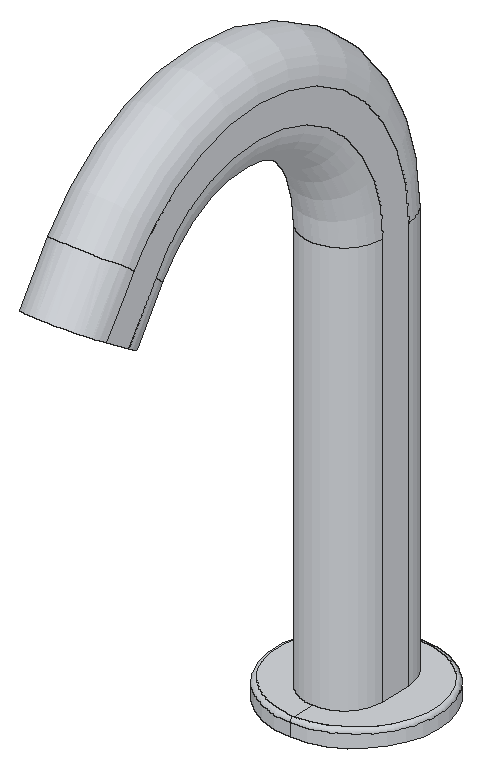
Revit family "Faucet_Touchless-Lavatory-KOHLER-Oblo-K-106B77", category Plumbing Fixtures, host Face, Revit 2021 (continued)
Definition of nested family "K-106B77"
  Lines and regions (in)
    symbolic lines, detail levels medium+fine
      curve 134: spline (0.06006, 0, 6.78673) -> (0.05598, 0, 6.78645) -> (0.05219, 0, 6.78561) -> (0.04892, 0, 6.78429) -> (0.04642, 0, 6.78256) -> (0.04485, 0, 6.78055) -> (0.04431, 0, 6.77839) -> (0.04485, 0, 6.77623) -> (0.04642, 0, 6.77421) -> (0.04892, 0, 6.77249) -> (0.05219, 0, 6.77116) -> (0.05598, 0, 6.77033) -> (0.06006, 0, 6.77004)
      curve 135: spline (0.10716, 0, 6.85257) -> (0.11123, 0, 6.85285) -> (0.11503, 0, 6.85369) -> (0.11829, 0, 6.85501) -> (0.1208, 0, 6.85674) -> (0.12237, 0, 6.85875) -> (0.12291, 0, 6.86091) -> (0.12237, 0, 6.86307) -> (0.1208, 0, 6.86509) -> (0.11829, 0, 6.86681) -> (0.11503, 0, 6.86814) -> (0.11123, 0, 6.86897) -> (0.10716, 0, 6.86926)
      curve 136: spline (0.13272, 0, 6.82911) -> (0.1368, 0, 6.82939) -> (0.14059, 0, 6.83022) -> (0.14386, 0, 6.83155) -> (0.14636, 0, 6.83328) -> (0.14793, 0, 6.83529) -> (0.14847, 0, 6.83745) -> (0.14793, 0, 6.83961) -> (0.14636, 0, 6.84162) -> (0.14386, 0, 6.84335) -> (0.14059, 0, 6.84468) -> (0.1368, 0, 6.84551) -> (0.13272, 0, 6.8458)
      curve 137: spline (0.10716, 0, 6.86926) -> (0.10308, 0, 6.86897) -> (0.09928, 0, 6.86814) -> (0.09602, 0, 6.86681) -> (0.09352, 0, 6.86509) -> (0.09195, 0, 6.86307) -> (0.09141, 0, 6.86091) -> (0.09195, 0, 6.85875) -> (0.09352, 0, 6.85674) -> (0.09602, 0, 6.85501) -> (0.09928, 0, 6.85369) -> (0.10308, 0, 6.85285) -> (0.10716, 0, 6.85257)
      curve 138: spline (0.11962, 0, 6.88598) -> (0.12369, 0, 6.88627) -> (0.12749, 0, 6.8871) -> (0.13075, 0, 6.88843) -> (0.13326, 0, 6.89016) -> (0.13483, 0, 6.89217) -> (0.13537, 0, 6.89433) -> (0.13483, 0, 6.89649) -> (0.13326, 0, 6.8985) -> (0.13075, 0, 6.90023) -> (0.12749, 0, 6.90156) -> (0.12369, 0, 6.90239) -> (0.11962, 0, 6.90267)
      curve 139: spline (0.16033, 0, 6.86027) -> (0.1644, 0, 6.86056) -> (0.1682, 0, 6.86139) -> (0.17146, 0, 6.86272) -> (0.17396, 0, 6.86445) -> (0.17554, 0, 6.86646) -> (0.17607, 0, 6.86862) -> (0.17554, 0, 6.87078) -> (0.17396, 0, 6.87279) -> (0.17146, 0, 6.87452) -> (0.1682, 0, 6.87585) -> (0.1644, 0, 6.87668) -> (0.16033, 0, 6.87696)
      curve 140: spline (0.11962, 0, 6.90267) -> (0.11554, 0, 6.90239) -> (0.11174, 0, 6.90156) -> (0.10848, 0, 6.90023) -> (0.10598, 0, 6.8985) -> (0.10441, 0, 6.89649) -> (0.10387, 0, 6.89433) -> (0.10441, 0, 6.89217) -> (0.10598, 0, 6.89016) -> (0.10848, 0, 6.88843) -> (0.11174, 0, 6.8871) -> (0.11554, 0, 6.88627) -> (0.11962, 0, 6.88598)
      curve 141: spline (0.16033, 0, 6.87696) -> (0.15625, 0, 6.87668) -> (0.15245, 0, 6.87585) -> (0.14919, 0, 6.87452) -> (0.14669, 0, 6.87279) -> (0.14511, 0, 6.87078) -> (0.14458, 0, 6.86862) -> (0.14511, 0, 6.86646) -> (0.14669, 0, 6.86445) -> (0.14919, 0, 6.86272) -> (0.15245, 0, 6.86139) -> (0.15625, 0, 6.86056) -> (0.16033, 0, 6.86027)
      curve 142: spline (0.18924, 0, 6.8302) -> (0.19332, 0, 6.83048) -> (0.19712, 0, 6.83132) -> (0.20038, 0, 6.83264) -> (0.20288, 0, 6.83437) -> (0.20445, 0, 6.83639) -> (0.20499, 0, 6.83855) -> (0.20445, 0, 6.84071) -> (0.20288, 0, 6.84272) -> (0.20038, 0, 6.84445) -> (0.19712, 0, 6.84577) -> (0.19332, 0, 6.84661) -> (0.18924, 0, 6.84689)
      curve 143: spline (0.18924, 0, 6.79706) -> (0.19332, 0, 6.79734) -> (0.19712, 0, 6.79818) -> (0.20038, 0, 6.7995) -> (0.20288, 0, 6.80123) -> (0.20445, 0, 6.80324) -> (0.20499, 0, 6.8054) -> (0.20445, 0, 6.80756) -> (0.20288, 0, 6.80958) -> (0.20038, 0, 6.8113) -> (0.19712, 0, 6.81263) -> (0.19332, 0, 6.81346) -> (0.18924, 0, 6.81375)
      curve 144: spline (0.18924, 0, 6.84689) -> (0.18517, 0, 6.84661) -> (0.18137, 0, 6.84577) -> (0.17811, 0, 6.84445) -> (0.1756, 0, 6.84272) -> (0.17403, 0, 6.84071) -> (0.17349, 0, 6.83855) -> (0.17403, 0, 6.83639) -> (0.1756, 0, 6.83437) -> (0.17811, 0, 6.83264) -> (0.18137, 0, 6.83132) -> (0.18517, 0, 6.83048) -> (0.18924, 0, 6.8302)
      curve 145: spline (0.18924, 0, 6.81375) -> (0.18517, 0, 6.81346) -> (0.18137, 0, 6.81263) -> (0.17811, 0, 6.8113) -> (0.1756, 0, 6.80958) -> (0.17403, 0, 6.80756) -> (0.17349, 0, 6.8054) -> (0.17403, 0, 6.80324) -> (0.1756, 0, 6.80123) -> (0.17811, 0, 6.7995) -> (0.18137, 0, 6.79818) -> (0.18517, 0, 6.79734) -> (0.18924, 0, 6.79706)
      curve 146: spline (0.17268, 0, 6.76431) -> (0.17676, 0, 6.76459) -> (0.18056, 0, 6.76543) -> (0.18382, 0, 6.76675) -> (0.18632, 0, 6.76848) -> (0.18789, 0, 6.77049) -> (0.18843, 0, 6.77265) -> (0.18789, 0, 6.77481) -> (0.18632, 0, 6.77683) -> (0.18382, 0, 6.77856) -> (0.18056, 0, 6.77988) -> (0.17676, 0, 6.78072) -> (0.17268, 0, 6.781)
      curve 147: spline (0.14269, 0, 6.79914) -> (0.14677, 0, 6.79943) -> (0.15056, 0, 6.80026) -> (0.15383, 0, 6.80159) -> (0.15633, 0, 6.80332) -> (0.1579, 0, 6.80533) -> (0.15844, 0, 6.80749) -> (0.1579, 0, 6.80965) -> (0.15633, 0, 6.81166) -> (0.15383, 0, 6.81339) -> (0.15056, 0, 6.81472) -> (0.14677, 0, 6.81555) -> (0.14269, 0, 6.81583)
      curve 148: spline (0.17268, 0, 6.781) -> (0.16861, 0, 6.78072) -> (0.16481, 0, 6.77988) -> (0.16155, 0, 6.77856) -> (0.15904, 0, 6.77683) -> (0.15747, 0, 6.77481) -> (0.15694, 0, 6.77265) -> (0.15747, 0, 6.77049) -> (0.15904, 0, 6.76848) -> (0.16155, 0, 6.76675) -> (0.16481, 0, 6.76543) -> (0.16861, 0, 6.76459) -> (0.17268, 0, 6.76431)
      curve 149: spline (0.14269, 0, 6.81583) -> (0.13861, 0, 6.81555) -> (0.13482, 0, 6.81472) -> (0.13155, 0, 6.81339) -> (0.12905, 0, 6.81166) -> (0.12748, 0, 6.80965) -> (0.12694, 0, 6.80749) -> (0.12748, 0, 6.80533) -> (0.12905, 0, 6.80332) -> (0.13155, 0, 6.80159) -> (0.13482, 0, 6.80026) -> (0.13861, 0, 6.79943) -> (0.14269, 0, 6.79914)
      curve 150: spline (0.1247, 0, 6.77669) -> (0.12878, 0, 6.77697) -> (0.13258, 0, 6.77781) -> (0.13584, 0, 6.77913) -> (0.13834, 0, 6.78086) -> (0.13991, 0, 6.78287) -> (0.14045, 0, 6.78503) -> (0.13991, 0, 6.78719) -> (0.13834, 0, 6.78921) -> (0.13584, 0, 6.79093) -> (0.13258, 0, 6.79226) -> (0.12878, 0, 6.79309) -> (0.1247, 0, 6.79338)
      curve 151: spline (0.13971, 0, 6.73635) -> (0.14379, 0, 6.73663) -> (0.14758, 0, 6.73746) -> (0.15084, 0, 6.73879) -> (0.15335, 0, 6.74052) -> (0.15492, 0, 6.74253) -> (0.15546, 0, 6.74469) -> (0.15492, 0, 6.74685) -> (0.15335, 0, 6.74886) -> (0.15084, 0, 6.75059) -> (0.14758, 0, 6.75192) -> (0.14379, 0, 6.75275) -> (0.13971, 0, 6.75304)
      curve 152: spline (0.1247, 0, 6.79338) -> (0.12063, 0, 6.79309) -> (0.11683, 0, 6.79226) -> (0.11357, 0, 6.79093) -> (0.11106, 0, 6.78921) -> (0.10949, 0, 6.78719) -> (0.10895, 0, 6.78503) -> (0.10949, 0, 6.78287) -> (0.11106, 0, 6.78086) -> (0.11357, 0, 6.77913) -> (0.11683, 0, 6.77781) -> (0.12063, 0, 6.77697) -> (0.1247, 0, 6.77669)
      curve 153: spline (0.13971, 0, 6.75304) -> (0.13563, 0, 6.75275) -> (0.13184, 0, 6.75192) -> (0.12857, 0, 6.75059) -> (0.12607, 0, 6.74886) -> (0.1245, 0, 6.74685) -> (0.12396, 0, 6.74469) -> (0.1245, 0, 6.74253) -> (0.12607, 0, 6.74052) -> (0.12857, 0, 6.73879) -> (0.13184, 0, 6.73746) -> (0.13563, 0, 6.73663) -> (0.13971, 0, 6.73635)
      curve 154: spline (0.09365, 0, 6.75319) -> (0.09773, 0, 6.75348) -> (0.10153, 0, 6.75431) -> (0.10479, 0, 6.75564) -> (0.10729, 0, 6.75736) -> (0.10887, 0, 6.75938) -> (0.1094, 0, 6.76154) -> (0.10887, 0, 6.7637) -> (0.10729, 0, 6.76571) -> (0.10479, 0, 6.76744) -> (0.10153, 0, 6.76876) -> (0.09773, 0, 6.7696) -> (0.09365, 0, 6.76988)
      curve 155: spline (0.09355, 0, 6.71582) -> (0.09762, 0, 6.7161) -> (0.10142, 0, 6.71694) -> (0.10468, 0, 6.71826) -> (0.10719, 0, 6.71999) -> (0.10876, 0, 6.72201) -> (0.1093, 0, 6.72417) -> (0.10876, 0, 6.72633) -> (0.10719, 0, 6.72834) -> (0.10468, 0, 6.73007) -> (0.10142, 0, 6.73139) -> (0.09762, 0, 6.73223) -> (0.09355, 0, 6.73251)
      curve 156: spline (0.06939, 0, 6.73419) -> (0.07347, 0, 6.73448) -> (0.07727, 0, 6.73531) -> (0.08053, 0, 6.73664) -> (0.08303, 0, 6.73837) -> (0.0846, 0, 6.74038) -> (0.08514, 0, 6.74254) -> (0.0846, 0, 6.7447) -> (0.08303, 0, 6.74671) -> (0.08053, 0, 6.74844) -> (0.07727, 0, 6.74977) -> (0.07347, 0, 6.7506) -> (0.06939, 0, 6.75088)
      curve 157: spline (0.09365, 0, 6.76988) -> (0.08958, 0, 6.7696) -> (0.08578, 0, 6.76876) -> (0.08252, 0, 6.76744) -> (0.08002, 0, 6.76571) -> (0.07844, 0, 6.7637) -> (0.07791, 0, 6.76154) -> (0.07844, 0, 6.75938) -> (0.08002, 0, 6.75736) -> (0.08252, 0, 6.75564) -> (0.08578, 0, 6.75431) -> (0.08958, 0, 6.75348) -> (0.09365, 0, 6.75319)
      curve 158: spline (0.09355, 0, 6.73251) -> (0.08947, 0, 6.73223) -> (0.08567, 0, 6.73139) -> (0.08241, 0, 6.73007) -> (0.07991, 0, 6.72834) -> (0.07834, 0, 6.72633) -> (0.0778, 0, 6.72417) -> (0.07834, 0, 6.72201) -> (0.07991, 0, 6.71999) -> (0.08241, 0, 6.71826) -> (0.08567, 0, 6.71694) -> (0.08947, 0, 6.7161) -> (0.09355, 0, 6.71582)
      curve 159: spline (0.06939, 0, 6.75088) -> (0.06532, 0, 6.7506) -> (0.06152, 0, 6.74977) -> (0.05826, 0, 6.74844) -> (0.05575, 0, 6.74671) -> (0.05418, 0, 6.7447) -> (0.05364, 0, 6.74254) -> (0.05418, 0, 6.74038) -> (0.05575, 0, 6.73837) -> (0.05826, 0, 6.73664) -> (0.06152, 0, 6.73531) -> (0.06532, 0, 6.73448) -> (0.06939, 0, 6.73419)
      curve 160: spline (0.02953, 0, 6.70673) -> (0.03361, 0, 6.70702) -> (0.03741, 0, 6.70785) -> (0.04067, 0, 6.70917) -> (0.04317, 0, 6.7109) -> (0.04475, 0, 6.71292) -> (0.04528, 0, 6.71508) -> (0.04475, 0, 6.71724) -> (0.04317, 0, 6.71925) -> (0.04067, 0, 6.72098) -> (0.03741, 0, 6.7223) -> (0.03361, 0, 6.72314) -> (0.02953, 0, 6.72342)
      curve 161: spline (0.02953, 0, 6.72342) -> (0.02546, 0, 6.72314) -> (0.02166, 0, 6.7223) -> (0.0184, 0, 6.72098) -> (0.0159, 0, 6.71925) -> (0.01432, 0, 6.71724) -> (0.01379, 0, 6.71508) -> (0.01432, 0, 6.71292) -> (0.0159, 0, 6.7109) -> (0.0184, 0, 6.70917) -> (0.02166, 0, 6.70785) -> (0.02546, 0, 6.70702) -> (0.02953, 0, 6.70673)
      curve 162: line (0.29187, 0, 6.82445) -> (0.37796, 0, 6.91054)
  Dimensions and locks (in)
    plane 4 to plane 5 = 2 5/16"
    plane 8 to plane 2 = 9 1/4"
    plane 1 "Center (Front/Back)" to plane 9 = 4 7/8"
    plane 10 to plane 2 = 6.75984"
    plane 6 to plane 7 = 2 5/16"
    plane 6 to plane 11 = 6.6806"
    aligned and locked: plane 2 to level
    aligned and locked: curve 23 to Extrusion 6
  Automatic sketch dimensions
    Revolve 1 sketch curve to level = 0"  (x2)
    Revolve 1 sketch curve to plane 6 = 0"
    Revolve 1 sketch curve to plane 6 = 0.05658"
    plane 1 "Center (Front/Back)" to Revolve 1 sketch curve = 0"
    level to Revolve 1 sketch curve = 0.17964"
    Revolve 1 sketch curve to Revolve 1 sketch curve = 0"
    Revolve 1 sketch curve to Revolve 1 sketch curve = 0.11811"
    plane 9 to Sweep 2 sketch curve = 0.4709"
    plane 7 to Sweep 2 sketch curve = 1.26471"
    plane 1 "Center (Front/Back)" to Sweep 2 sketch curve = 0"
    plane 10 to Sweep 2 sketch curve = 0.70344"
    Sweep 2 sketch curve to plane 9 = 0.09364"
    level to Sweep 2 sketch curve = 0.23622"
    plane 10 to Sweep 2 sketch curve = 31/256"
    profile plane to Sweep 2 sketch curve = 0.22638"  (x3)
    Sweep 2 sketch curve to profile plane = 0.22613"
    Sweep 2 sketch curve to plane 3 "Center (Left/Right)" = 0.55118"
    plane 3 "Center (Left/Right)" to Sweep 2 sketch curve = 0.55118"
    Sweep 2 sketch curve to Sweep 2 sketch curve = 0"  (x5)
    Sweep 2 sketch curve to profile plane = 0.22638"
    Masking region 1 sketch curve to Masking region 1 sketch curve = 0"  (x2)
    Masking region 1 sketch curve to plane 3 "Center (Left/Right)" = 0"
    Masking region 1 sketch curve to plane 6 = 0"
    plane 14 to Masking region 1 sketch curve = 0"
    plane 15 to Masking region 1 sketch curve = 0"
    plane 1 "Center (Front/Back)" to Masking region 1 sketch curve = 0"
    Masking region 1 sketch curve to plane 9 = 0.20111"
    Masking region 1 sketch curve to plane 9 = 0.20153"
    Masking region 2 sketch curve to level = 0"
    plane 4 to Masking region 2 sketch curve = 0"
    plane 14 to Masking region 2 sketch curve = 0"
    Masking region 2 sketch curve to plane 3 "Center (Left/Right)" = 0"
    Masking region 2 sketch curve to plane 5 = 0"
    Masking region 2 sketch curve to plane 4 = 0.05595"
    Masking region 2 sketch curve to plane 5 = 0.05595"
    Masking region 2 sketch curve to Masking region 2 sketch curve = 0.18027"
    level to Masking region 2 sketch curve = 0.18027"
    Masking region 2 sketch curve to plane 8 = 0.55023"
    Masking region 3 sketch curve to plane 11 = 0"
    Masking region 3 sketch curve to level = 0"
    Masking region 3 sketch curve to plane 7 = 0"
    Masking region 3 sketch curve to plane 13 = 0"
    Masking region 3 sketch curve to plane 12 = 0"
    Masking region 3 sketch curve to plane 6 = 0"
    Masking region 3 sketch curve to plane 9 = 0.16371"
    plane 9 to Masking region 3 sketch curve = 0.618"
    Masking region 3 sketch curve to plane 10 = 0.23348"
    Masking region 3 sketch curve to Masking region 3 sketch curve = 0.48098"
    plane 10 to Masking region 3 sketch curve = 0.71319"
    Masking region 3 sketch curve to Masking region 3 sketch curve = 0.00256"
    Masking region 3 sketch curve to Masking region 3 sketch curve = 0.05575"
    Masking region 3 sketch curve to plane 6 = 0.05575"
    Masking region 3 sketch curve to Masking region 3 sketch curve = 0.18047"  (x2)
    plane 10 to Masking region 3 sketch curve = 0.70507"
    Extrusion 3 sketch curve to Extrusion 3 sketch curve = 0"  (x6)
    Extrusion 3 sketch curve to Sweep 2 = 0.55117"
    Extrusion 5 sketch curve to plane 16 "A" = 0"
    plane 16 "A" to Extrusion 5 sketch curve = 0"
    plane 11 to Extrusion 5 sketch curve = 0.27382"
    plane 10 to Extrusion 5 sketch curve = 0.74476"
    Extrusion 6 sketch curve to Extrusion 6 sketch curve = 0"  (x33)
    Extrusion 6 sketch curve to plane 3 "Center (Left/Right)" = 0.05401"
    plane 3 "Center (Left/Right)" to Extrusion 6 sketch curve = 0.04508"
    Extrusion 6 sketch curve to Extrusion 6 sketch curve = 0.03994"  (x3)
    Extrusion 6 sketch curve to plane 3 "Center (Left/Right)" = 0.22584"  (x2)
    Extrusion 6 sketch curve to Extrusion 6 sketch curve = 0.05926"  (x2)
    plane 3 "Center (Left/Right)" to Extrusion 6 sketch curve = 0.2169"  (x2)
    plane 3 "Center (Left/Right)" to Extrusion 6 sketch curve = 0.03127"
    Extrusion 6 sketch curve to Extrusion 6 sketch curve = 0.06304"
    Extrusion 6 sketch curve to plane 3 "Center (Left/Right)" = 0.02953"
    plane 3 "Center (Left/Right)" to Extrusion 6 sketch curve = 0.18231"  (x2)
    Extrusion 6 sketch curve to Extrusion 6 sketch curve = 0.01997"  (x2)
    Extrusion 6 sketch curve to plane 3 "Center (Left/Right)" = 0.19124"  (x2)
    Extrusion 6 sketch curve to Extrusion 6 sketch curve = 0.01715"  (x2)
    plane 3 "Center (Left/Right)" to Extrusion 6 sketch curve = 0.00835"
    Extrusion 6 sketch curve to Extrusion 6 sketch curve = 0.04498"
    Extrusion 6 sketch curve to Extrusion 6 sketch curve = 0.03467"
    Extrusion 6 sketch curve to Extrusion 6 sketch curve = 0.03969"
    Extrusion 6 sketch curve to Extrusion 6 sketch curve = 0.03873"
    Extrusion 6 sketch curve to Extrusion 6 sketch curve = 0.04207"
    Extrusion 6 sketch curve to plane 3 "Center (Left/Right)" = 0.27538"  (x2)
    Extrusion 6 sketch curve to Extrusion 6 sketch curve = 0.08581"  (x2)
    plane 3 "Center (Left/Right)" to Extrusion 6 sketch curve = 0.26645"  (x2)
    Extrusion 6 sketch curve to Extrusion 6 sketch curve = 0.03585"
    Extrusion 6 sketch curve to Extrusion 6 sketch curve = 0.02846"
    Extrusion 6 sketch curve to Extrusion 6 sketch curve = 0.05277"
    Extrusion 6 sketch curve to Extrusion 6 sketch curve = 0.00665"
    Extrusion 6 sketch curve to Extrusion 6 sketch curve = 0.0318"  (x2)
    Extrusion 6 sketch curve to Extrusion 6 sketch curve = 0.02336"  (x2)
    Extrusion 6 sketch curve to Extrusion 6 sketch curve = 0.03323"  (x2)
    Extrusion 6 sketch curve to Extrusion 6 sketch curve = 0.0618"  (x2)
    Extrusion 6 sketch curve to Extrusion 6 sketch curve = 0.01057"  (x2)
    Extrusion 6 sketch curve to Extrusion 6 sketch curve = 0.04238"  (x2)
    Extrusion 6 sketch curve to Extrusion 6 sketch curve = 0.05001"  (x2)
    Extrusion 6 sketch curve to Extrusion 6 sketch curve = 0.04565"
    Extrusion 6 sketch curve to Extrusion 6 sketch curve = 0.03508"
    Extrusion 6 sketch curve to Extrusion 6 sketch curve = 0.01567"  (x2)
    Extrusion 6 sketch curve to Extrusion 6 sketch curve = 0.00207"  (x2)
    plane 3 "Center (Left/Right)" to Extrusion 6 sketch curve = 0.23186"
    Extrusion 6 sketch curve to Extrusion 6 sketch curve = 0.02748"  (x4)
    Extrusion 6 sketch curve to plane 3 "Center (Left/Right)" = 0.24079"
    Extrusion 6 sketch curve to Extrusion 6 sketch curve = 0.04562"  (x2)
    Extrusion 6 sketch curve to Extrusion 6 sketch curve = 0.04427"  (x2)
    Extrusion 6 sketch curve to Extrusion 6 sketch curve = 0.01454"  (x2)
    Extrusion 6 sketch curve to Extrusion 6 sketch curve = 0.03558"  (x4)
    Extrusion 6 sketch curve to plane 3 "Center (Left/Right)" = 0.02069"
    Extrusion 6 sketch curve to Extrusion 6 sketch curve = 0.01556"
    Extrusion 6 sketch curve to Extrusion 6 sketch curve = 0.05513"  (x2)
    plane 3 "Center (Left/Right)" to Extrusion 6 sketch curve = 0.00087"
    Extrusion 6 sketch curve to Extrusion 6 sketch curve = 0.0488"
    Extrusion 6 sketch curve to Extrusion 6 sketch curve = 0.0596"
    Extrusion 6 sketch curve to Extrusion 6 sketch curve = 0.04088"  (x2)
    Extrusion 6 sketch curve to Extrusion 6 sketch curve = 0.05744"
    Extrusion 6 sketch curve to Extrusion 6 sketch curve = 0.02025"
    Extrusion 6 sketch curve to Extrusion 6 sketch curve = 0.04655"  (x2)
    Extrusion 6 sketch curve to Extrusion 6 sketch curve = 0.04087"
    Extrusion 6 sketch curve to Extrusion 6 sketch curve = 0.05652"  (x2)
    Extrusion 6 sketch curve to Extrusion 6 sketch curve = 0.01799"  (x2)
    Extrusion 6 sketch curve to Extrusion 6 sketch curve = 0.06096"
    Extrusion 6 sketch curve to Extrusion 6 sketch curve = 0.02556"  (x2)
    Extrusion 6 sketch curve to Extrusion 6 sketch curve = 0.03105"
    Extrusion 6 sketch curve to Extrusion 6 sketch curve = 0.04616"
    Extrusion 6 sketch curve to Extrusion 6 sketch curve = 0.03821"  (x2)
    Extrusion 6 sketch curve to Extrusion 6 sketch curve = 0.00882"  (x2)
    Extrusion 6 sketch curve to Extrusion 6 sketch curve = 0.00866"
    Extrusion 6 sketch curve to Extrusion 6 sketch curve = 0.03359"
    Extrusion 6 sketch curve to Extrusion 6 sketch curve = 0.03391"
    plane 3 "Center (Left/Right)" to Extrusion 6 sketch curve = 0.05246"
    plane 3 "Center (Left/Right)" to Extrusion 6 sketch curve = 0.03417"
    plane 3 "Center (Left/Right)" to Extrusion 6 sketch curve = 0.02612"
    plane 3 "Center (Left/Right)" to Extrusion 6 sketch curve = 0.02243"
    Extrusion 6 sketch curve to plane 3 "Center (Left/Right)" = 0.02439"
    Extrusion 6 sketch curve to Extrusion 6 sketch curve = 0.02797"
    Extrusion 6 sketch curve to plane 3 "Center (Left/Right)" = 0.05073"
    Extrusion 6 sketch curve to Extrusion 6 sketch curve = 0.02763"
    Extrusion 6 sketch curve to Extrusion 6 sketch curve = 0.04223"
    Extrusion 6 sketch curve to Extrusion 6 sketch curve = 0.03986"
    Extrusion 6 sketch curve to Extrusion 6 sketch curve = 0.02086"
    Extrusion 6 sketch curve to Extrusion 6 sketch curve = 0.05329"
    Extrusion 6 sketch curve to Extrusion 6 sketch curve = 0.02416"
    Extrusion 6 sketch curve to Extrusion 6 sketch curve = 0.02426"
    Extrusion 6 sketch curve to Extrusion 6 sketch curve = 0.04804"
    Extrusion 6 sketch curve to Extrusion 6 sketch curve = 0.04605"
    Extrusion 6 sketch curve to Extrusion 6 sketch curve = 0.05317"
    Extrusion 6 sketch curve to Extrusion 6 sketch curve = 0.04798"
    Blend 7 sketch curve to Blend 7 sketch curve = 0"  (x4)
    Blend 7 sketch curve to plane 3 "Center (Left/Right)" = 0.00078"
    Blend 7 sketch curve to Blend 7 sketch curve = 0.00818"
    Blend 7 sketch curve to Blend 7 sketch curve = 0.02796"
    Blend 7 sketch curve to plane 15 = 0.2371"
    plane 3 "Center (Left/Right)" to Blend 7 sketch curve = 0"
    Blend 7 sketch curve to plane 15 = 0.0794"
    Blend 7 sketch curve to Blend 7 sketch curve = 0.02517"
    Blend 7 sketch curve to plane 14 = 0.0849"
    plane 14 to curve 4 = 0"
    curve 43 to plane 3 "Center (Left/Right)" = 0"  (x2)
    curve 4 to plane 15 = 0"
    curve 39 to plane 10 = 0.12623"
    curve 39 to plane 14 = 0.25808"
    curve 39 to plane 10 = 0.06461"
    curve 39 to curve 39 = 0.00123"
    curve 22 to plane 10 = 0.10385"
    curve 39 to curve 22 = 0.01772"
    plane 10 to curve 35 = 0.00129"
    curve 39 to curve 35 = 0.01649"
    curve 24 to curve 37 = 0.03459"
    curve 35 to plane 10 = 0.00929"
    curve 26 to curve 35 = 0.03459"
    curve 25 to curve 40 = 0.01381"
    curve 25 to curve 41 = 0.01495"
    plane 10 to curve 33 = 0.04677"
    curve 34 to curve 33 = 0.01495"
    curve 21 to plane 10 = 0.13874"
    plane 10 to curve 33 = 0.03618"
    curve 31 to curve 33 = 0.03459"
    curve 30 to plane 3 "Center (Left/Right)" = 0.05401"
    curve 36 to plane 3 "Center (Left/Right)" = 0.05401"
    curve 42 to plane 3 "Center (Left/Right)" = 0.00521"
    plane 3 "Center (Left/Right)" to curve 114 = 0.00521"
    plane 3 "Center (Left/Right)" to curve 108 = 0.05401"
    plane 3 "Center (Left/Right)" to curve 102 = 0.05401"
    plane 10 to curve 105 = 0.03618"
    curve 108 to curve 105 = 0.13723"
    curve 102 to curve 94 = 0.13723"
    curve 94 to curve 96 = 0.03459"
    plane 10 to curve 105 = 0.04677"
    curve 105 to curve 105 = 0.03459"
    curve 96 to curve 112 = 0.00114"
    curve 112 to curve 98 = 0.01381"
    curve 106 to plane 10 = 0.00929"
    curve 103 to curve 106 = 0.01495"
    curve 98 to curve 97 = 0.03459"
    plane 10 to curve 107 = 0.00129"
    curve 106 to curve 107 = 0.03459"
    curve 111 to plane 10 = 0.06461"
    curve 95 to curve 111 = 0.01649"
    curve 111 to plane 10 = 0.12623"
    curve 95 to curve 111 = 0.01772"
    plane 10 to curve 36 = 0.09934"
    plane 10 to curve 108 = 0.09934"
    curve 114 to curve 108 = 0.105"
    curve 42 to curve 114 = 0"
    curve 22 to curve 26 = 0.01058"
    curve 111 to curve 98 = 0.02865"
    curve 95 to curve 111 = 0.02238"
    curve 94 to curve 112 = 0.03428"
    curve 40 to curve 20 = 0.02178"
    curve 112 to curve 96 = 0.01119"
    curve 112 to curve 96 = 0.02178"
    curve 20 to curve 38 = 0.0107"
    curve 93 to curve 110 = 0.0107"
    curve 26 to curve 29 = 0.12945"
    curve 98 to curve 113 = 0.0626"
    curve 25 to curve 41 = 0.0626"
    plane 14 to curve 13 = 0"
    plane 14 to curve 13 = 0.00036"
    curve 14 to plane 14 = 0.05128"
    curve 14 to plane 10 = 0.01192"
    curve 14 to curve 14 = 0.00714"
    curve 14 to curve 17 = 0.01484"
    curve 17 to curve 16 = 0"  (x2)
    curve 14 to curve 15 = 0.02451"
    curve 16 to curve 18 = 0.06737"
    curve 18 to curve 19 = 0"  (x2)
    curve 92 to curve 40 = 0.08485"
    curve 28 to curve 40 = 0.02264"
    curve 27 to curve 28 = 0"  (x2)
    curve 27 to curve 27 = 0.00124"
    curve 39 to curve 103 = 0.00783"
    curve 93 to curve 103 = 0"  (x2)
    curve 99 to curve 103 = 0"
    curve 27 to curve 41 = 0.01119"
    curve 71 to plane 10 = 0.03722"
    curve 34 to curve 71 = 0.05155"
    curve 70 to curve 71 = 0"
    curve 70 to curve 70 = 0.01575"
    curve 73 to curve 71 = 0.01575"
    curve 72 to curve 70 = 0"
    curve 73 to curve 71 = 0"
    curve 76 to plane 10 = 0.01281"
    curve 73 to curve 76 = 0.01656"
    curve 70 to curve 69 = 0.01317"
    curve 74 to curve 76 = 0.01575"
    curve 74 to curve 76 = 0"
    curve 67 to curve 69 = 0.01575"
    curve 67 to curve 69 = 0"
    curve 73 to curve 75 = 0.0308"
    plane 10 to curve 81 = 0.00681"
    curve 76 to curve 81 = 0.01723"
    curve 77 to curve 64 = 0.00997"
    curve 75 to curve 77 = 0.01575"
    curve 75 to curve 77 = 0"
    curve 75 to curve 78 = 0.00224"
    curve 79 to curve 79 = 0.01575"
    curve 81 to curve 79 = 0"
    curve 67 to curve 68 = 0.02496"
    curve 61 to curve 61 = 0.01575"
    curve 64 to curve 61 = 0"
    curve 78 to curve 78 = 0.01575"
    curve 80 to curve 78 = 0"
    curve 64 to curve 63 = 0.00981"
    curve 66 to curve 68 = 0.01575"
    curve 66 to curve 68 = 0"
    plane 10 to curve 82 = 0.00665"
    curve 79 to curve 82 = 0.03031"
    curve 85 to curve 83 = 0.00011"
    curve 63 to curve 65 = 0.01575"
    curve 63 to curve 65 = 0"
    curve 78 to curve 59 = 0.02246"
    curve 85 to plane 10 = 0.00169"
    curve 82 to curve 85 = 0.01575"
    curve 82 to curve 85 = 0"
    curve 83 to curve 86 = 0.01575"
    curve 83 to curve 86 = 0"
    curve 65 to curve 55 = 0.01374"
    curve 63 to curve 47 = 0.01983"
    curve 57 to curve 59 = 0.01575"
    curve 57 to curve 59 = 0"
    curve 83 to curve 84 = 0.00841"
    curve 48 to curve 29 = 0.00892"
    curve 53 to curve 55 = 0.01575"
    curve 53 to curve 55 = 0"
    curve 60 to plane 10 = 0.0102"
    curve 82 to curve 60 = 0.01785"
    curve 47 to curve 49 = 0.01575"
    curve 47 to curve 49 = 0"
    curve 84 to curve 84 = 0.01575"
    curve 87 to curve 84 = 0"
    curve 47 to curve 51 = 0.00511"
    curve 46 to curve 48 = 0.01575"
    curve 46 to curve 48 = 0"
    curve 32 to curve 104 = 0.00893"  (x2)
    curve 60 to curve 60 = 0.01575"
    curve 62 to curve 60 = 0"
    curve 50 to curve 50 = 0.01575"
    curve 51 to curve 50 = 0"
    curve 60 to curve 56 = 0.01188"
    curve 36 to curve 88 = 0.02447"
    curve 51 to curve 54 = 0.01059"
    curve 45 to plane 3 "Center (Left/Right)" = 0.02069"
    curve 56 to curve 58 = 0.01575"
    curve 56 to curve 58 = 0"
    curve 115 to plane 3 "Center (Left/Right)" = 0.01662"
    curve 88 to plane 3 "Center (Left/Right)" = 0.01379"
    curve 89 to curve 88 = 0"
    curve 52 to plane 3 "Center (Left/Right)" = 0.00864"
    curve 54 to curve 52 = 0"
    curve 91 to plane 3 "Center (Left/Right)" = 0.0074"
    curve 90 to curve 91 = 0"
    curve 45 to plane 3 "Center (Left/Right)" = 0.00495"
    curve 44 to curve 45 = 0"
    curve 26 to plane 3 "Center (Left/Right)" = 0.00447"
    curve 31 to curve 26 = 0"
    curve 20 to curve 26 = 0"  (x2)
    curve 115 to plane 3 "Center (Left/Right)" = 0.00087"
    curve 28 to plane 3 "Center (Left/Right)" = 0.00078"
    curve 13 to plane 3 "Center (Left/Right)" = 0"
    plane 3 "Center (Left/Right)" to curve 12 = 0"
    plane 3 "Center (Left/Right)" to curve 16 = 0"
    plane 3 "Center (Left/Right)" to curve 15 = 0"
    plane 3 "Center (Left/Right)" to curve 17 = 0"
    plane 3 "Center (Left/Right)" to curve 19 = 0"
    plane 3 "Center (Left/Right)" to curve 14 = 0"
    plane 3 "Center (Left/Right)" to curve 18 = 0"
    plane 3 "Center (Left/Right)" to curve 100 = 0.00078"
    curve 101 to curve 100 = 0"  (x2)
    plane 3 "Center (Left/Right)" to curve 43 = 0.00087"
    curve 103 to curve 99 = 0"
    curve 93 to curve 99 = 0"
    curve 101 to curve 116 = 0.00417"
    curve 117 to curve 116 = 0"
    plane 3 "Center (Left/Right)" to curve 91 = 0.00835"
    plane 3 "Center (Left/Right)" to curve 126 = 0.00864"
    curve 124 to curve 126 = 0"
    plane 3 "Center (Left/Right)" to curve 161 = 0.01379"
    curve 160 to curve 161 = 0"
    curve 43 to curve 43 = 0.01575"
    curve 93 to curve 128 = 0.01222"
    curve 130 to curve 128 = 0"
    curve 116 to curve 117 = 0.01575"
    curve 124 to curve 124 = 0.01575"
    curve 160 to curve 161 = 0.01575"
    curve 128 to curve 128 = 0.01575"
    curve 124 to curve 123 = 0.01059"
    curve 122 to curve 123 = 0"
    curve 128 to curve 134 = 0.01188"
    curve 132 to curve 134 = 0"
    curve 116 to curve 120 = 0.02648"
    curve 118 to curve 120 = 0"
    curve 123 to curve 122 = 0.01575"
    curve 160 to curve 156 = 0.02411"
    curve 159 to curve 156 = 0"
    curve 122 to curve 121 = 0.00511"
    curve 119 to curve 121 = 0"
    curve 132 to plane 10 = 0.0102"
    curve 134 to curve 132 = 0.01575"
    curve 123 to curve 127 = 0.0112"
    curve 125 to curve 127 = 0"
    curve 118 to curve 120 = 0.01575"
    curve 156 to curve 159 = 0.01575"
    curve 132 to curve 131 = 0.01068"
    curve 129 to curve 131 = 0"
    curve 119 to curve 119 = 0.01575"
    curve 125 to curve 125 = 0.01575"
    curve 156 to curve 158 = 0.00841"
    curve 155 to curve 158 = 0"
    curve 154 to plane 10 = 0.00169"
    curve 156 to curve 154 = 0.00852"
    curve 157 to curve 154 = 0"
    curve 125 to curve 131 = 0.00882"
    curve 121 to curve 135 = 0.01983"
    curve 137 to curve 135 = 0"
    curve 155 to curve 155 = 0.01575"
    curve 154 to curve 157 = 0.01575"
    curve 119 to curve 140 = 0.03229"
    curve 138 to curve 140 = 0"
    curve 137 to curve 137 = 0.01575"
    curve 154 to curve 152 = 0.0153"
    curve 150 to curve 152 = 0"
    curve 137 to curve 133 = 0.00981"
    curve 136 to curve 133 = 0"
    curve 138 to curve 140 = 0.01575"
    curve 157 to curve 151 = 0.03031"
    curve 153 to curve 151 = 0"
    curve 150 to curve 152 = 0.01575"
    curve 150 to curve 149 = 0.00224"
    curve 147 to curve 149 = 0"
    curve 133 to curve 133 = 0.01575"
    curve 153 to curve 151 = 0.01575"
    curve 133 to curve 149 = 0.00997"
    curve 136 to curve 141 = 0.01186"
    curve 139 to curve 141 = 0"
    curve 151 to curve 148 = 0.01723"
    curve 146 to curve 148 = 0"
    curve 139 to curve 141 = 0.01575"
    curve 148 to plane 10 = 0.00447"
    curve 148 to curve 148 = 0.01575"
    curve 139 to curve 142 = 0.01317"
    curve 144 to curve 142 = 0"
    curve 146 to curve 143 = 0.00081"
    curve 145 to curve 143 = 0"
    curve 143 to curve 145 = 0.01575"
    curve 144 to curve 143 = 0"
    curve 114 to curve 100 = 0.01116"
    curve 31 to curve 20 = 0"
    curve 112 to curve 100 = 0.0214"
    curve 101 to curve 100 = 0.00124"
    curve 101 to curve 162 = 0.06347"
    plane 10 to curve 15 = 0.03693"
    curve 15 to curve 16 = 0.01678"
    curve 14 to plane 10 = 0.01191"
    curve 17 to curve 15 = 0.01484"
    plane 15 to curve 13 = 0.00036"
    plane 15 to curve 12 = 0.00037"
    curve 31 to curve 88 = 0.04623"
    curve 108 to curve 160 = 0.04623"
    curve 108 to curve 160 = 0.01043"
    curve 36 to curve 88 = 0.01043"
    curve 104 to curve 36 = 0.01463"
    curve 32 to curve 104 = 0"
    curve 13 to curve 31 = 0.02004"
    curve 13 to curve 15 = 0.08402"
    level to curve 4 = 0.23622"
    curve 160 to curve 160 = 0.00835"
    curve 88 to curve 89 = 0.00835"
    curve 86 to curve 85 = 0.03737"
    plane 10 to curve 158 = 0.04402"
    curve 15 to curve 14 = 0.04889"
    curve 83 to curve 83 = 0.00835"
    curve 155 to curve 155 = 0.00835"
    curve 160 to curve 91 = 0.01549"
    curve 83 to curve 84 = 0.01003"
    curve 155 to curve 159 = 0.01003"
    curve 79 to curve 81 = 0.01669"
    plane 10 to curve 151 = 0.0235"
    curve 90 to curve 90 = 0.00835"
    plane 10 to curve 84 = 0.0173"
    plane 10 to curve 156 = 0.0173"
    curve 151 to curve 153 = 0.00835"
    plane 10 to curve 154 = 0.00665"
    curve 76 to plane 10 = 0.00447"
    curve 146 to curve 146 = 0.00835"
    curve 80 to plane 10 = 0.01685"
    curve 150 to plane 10 = 0.01685"
    curve 60 to curve 62 = 0.00835"
    curve 132 to curve 134 = 0.00835"
    curve 150 to curve 152 = 0.00835"
    curve 78 to curve 78 = 0.00835"
    curve 78 to curve 57 = 0.00927"
    curve 150 to curve 131 = 0.00927"
    curve 146 to curve 145 = 0.01606"
    curve 132 to curve 130 = 0.01879"
    curve 60 to curve 58 = 0.01879"
    curve 78 to curve 75 = 0.00577"
    curve 150 to curve 147 = 0.00577"
    curve 57 to curve 59 = 0.00835"
    curve 129 to curve 131 = 0.00835"
    curve 143 to curve 145 = 0.00835"
    curve 73 to curve 73 = 0.00835"
    curve 56 to curve 58 = 0.00835"
    curve 128 to curve 128 = 0.00835"
    curve 147 to curve 149 = 0.00835"
    curve 75 to curve 77 = 0.00835"
    curve 20 to curve 31 = 0"
    curve 14 to curve 17 = 0.04388"
    curve 19 to plane 10 = 0.05585"
    curve 19 to curve 18 = 0.00031"  (x2)
    curve 15 to curve 17 = 0.00037"
    curve 17 to curve 16 = 0.00036"
    curve 17 to curve 14 = 0.00037"
    curve 131 to curve 127 = 0.00981"
    curve 59 to curve 53 = 0.00981"
    curve 130 to curve 126 = 0.0075"
    curve 58 to curve 54 = 0.0075"
    curve 149 to curve 133 = 0.01327"
    curve 77 to curve 61 = 0.01327"
    curve 125 to curve 127 = 0.00835"
    curve 53 to curve 53 = 0.00835"
    curve 52 to curve 52 = 0.00835"
    curve 14 to curve 124 = 0.01333"
    curve 71 to curve 70 = 0.01645"
    curve 143 to curve 144 = 0.01645"
    curve 136 to curve 133 = 0.00835"
    curve 64 to curve 64 = 0.00835"
    curve 142 to curve 142 = 0.00835"
    curve 70 to curve 70 = 0.00835"
    curve 125 to curve 122 = 0.01639"
    curve 53 to curve 50 = 0.01639"
    curve 136 to curve 137 = 0.01512"
    curve 64 to curve 63 = 0.01512"
    curve 50 to curve 50 = 0.00835"
    curve 122 to curve 123 = 0.00835"
    curve 142 to curve 139 = 0.02173"
    curve 70 to curve 69 = 0.02173"
    curve 63 to curve 65 = 0.00835"
    curve 135 to curve 137 = 0.00835"
    curve 67 to curve 67 = 0.00835"
    curve 139 to curve 141 = 0.00835"
    curve 63 to curve 49 = 0.01051"
    curve 135 to curve 119 = 0.01051"
    curve 12 to curve 116 = 0.00234"
    curve 12 to curve 45 = 0.00234"
    curve 119 to curve 121 = 0.00835"
    curve 47 to curve 47 = 0.00835"
    curve 135 to curve 140 = 0.01673"
    curve 63 to curve 68 = 0.01673"
    curve 44 to curve 45 = 0.00835"
    curve 116 to curve 116 = 0.00835"
    curve 40 to curve 28 = 0.00211"
    curve 101 to curve 27 = 0"
    curve 66 to curve 68 = 0.00835"
    curve 138 to curve 140 = 0.00835"
    curve 121 to curve 118 = 0.01252"
    curve 49 to curve 46 = 0.01252"
    curve 100 to curve 43 = 0.01735"
    curve 118 to curve 118 = 0.00835"
    curve 46 to curve 46 = 0.00835"
    curve 115 to curve 115 = 0.00833"
    curve 37 to curve 42 = 0.03053"
    curve 109 to curve 114 = 0.03053"
    Revolve 8 sketch curve to plane 1 "Center (Front/Back)" = 0"  (x2)
    Revolve 8 sketch curve to plane 6 = 0"
    Revolve 8 sketch curve to level = 0"
    Revolve 8 sketch curve to plane 17 = 0"
    Revolve 8 sketch curve to level = 0.28301"
    Revolve 8 sketch curve to Revolve 8 sketch curve = 0.59055"
    Sweep 9 sketch curve to plane 12 = 0"
    Sweep 9 sketch curve to plane 9 = 0.16371"
    Sweep 9 sketch curve to plane 10 = 0.43398"
    Sweep 9 sketch curve to Sweep 9 sketch curve = 0.69356"
    plane 10 to Sweep 9 sketch curve = 0.70507"
    Sweep 9 sketch curve to plane 17 = 0"
    Sweep 9 sketch curve to plane 11 = 0"
    plane 14 to curve 2 = 0"
    plane 15 to curve 3 = 0"  (x2)
    curve 3 to plane 1 "Center (Front/Back)" = 0.22638"
    curve 2 to plane 1 "Center (Front/Back)" = 0.22638"
    curve 2 to plane 7 = 0.13983"
    curve 3 to plane 7 = 0.13983"
    curve 7 to curve 10 = 0"  (x2)
    curve 5 to plane 13 = 0"
    curve 11 to plane 17 = 0"
    curve 5 to plane 12 = 0"
    plane 10 to curve 7 = 0.5499"
    plane 7 to curve 7 = 1.2163"
    plane 9 to curve 9 = 0.80535"
    plane 9 to curve 8 = 0.31258"
    plane 1 "Center (Front/Back)" to curve 11 = 77/256"
    curve 6 to plane 1 "Center (Front/Back)" = 77/256"
    plane 9 to curve 9 = 0.23071"
    curve 8 to plane 9 = 0.26206"
    plane 10 to curve 9 = 0.18225"
    curve 8 to plane 10 = 0.1628"
    Revolve 10 sketch curve to plane 10 = 0.26518"
    plane 9 to Revolve 10 sketch curve = 1.04825"
    Revolve 10 sketch curve to plane 10 = 0.34855"
    Revolve 10 sketch curve to Revolve 10 sketch curve = 0.0521"
    Revolve 10 sketch curve to plane 10 = 0.16103"  (x2)
    Revolve 10 sketch curve to plane 10 = 0.33779"
    Revolve 10 sketch curve to Revolve 10 sketch curve = 0.11621"
    Revolve 10 sketch curve to Revolve 10 sketch curve = 0"
    Sweep 9 sketch curve to plane 3 "Center (Left/Right)" = 0"
    Sweep 9 sketch curve to plane 3 "Center (Left/Right)" = 0.55118"
    profile plane to Sweep 9 sketch curve = 0.54455"
    Sweep 9 sketch curve to Sweep 9 sketch curve = 0.45043"
    Extrusion 4 sketch curve to plane 14 = 0"
    Extrusion 4 sketch curve to plane 3 "Center (Left/Right)" = 0"
    Extrusion 4 sketch curve to plane 15 = 0"
    plane 18 to Extrusion 4 sketch curve = 0"
    plane 1 "Center (Front/Back)" to Extrusion 4 sketch curve = 0"  (x2)
    radius of Extrusion 3 sketch curve = 1/2"
    radius of Extrusion 3 sketch curve = 0.48516"
    radius of Extrusion 3 sketch curve = 0.41777"
    radius of Extrusion 6 sketch curve = 0.01575"  (x48)
    radius of Extrusion 4 sketch curve = 0.09901"  (x2)
    radius of Extrusion 4 sketch curve = 0.06477"
